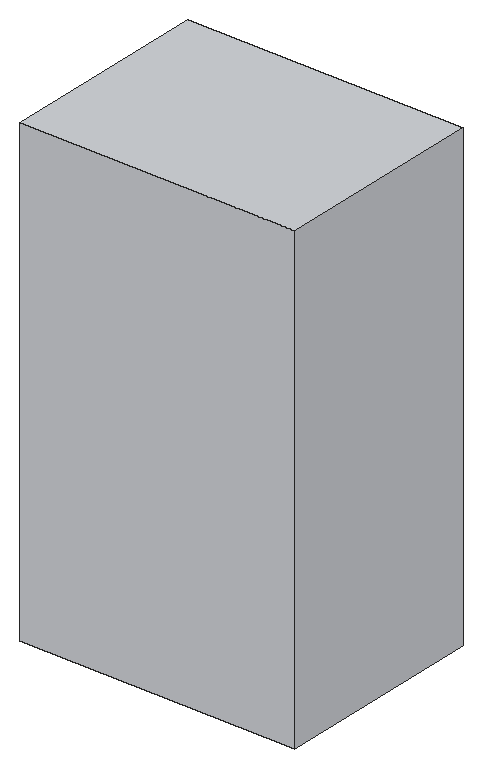
Revit family
Parameters
  Warranty Duration (Years) = 0
  Unit Width [instance] = 1' - 0"
  Unit Height [instance] = 1' - 4"
  Unit Depth = 0' - 0 1/4"
  URL = "http://www.americanspecialties.com/viewCategories.cfm"
  Trim Material = Mirror
  Test Data = ""
  Specification = "http://www.arcat.com/sdspecs/htm/10810asi.htm"
  SpecWizard = ""
  Hardware = Metal - Stainless Steel w/satin
  Send Message = "http://www.arcat.com/users.pl?action=UserEmail&company=American%20Specialties,%20Inc.&coid=30448&rep=139&fax=914-476-0688&mf="
  Sales Information = "http://www.americanspecialties.com/contact"
  Revision = "R1_10-2010"
  Mirror Radius = 0' - 0 1/2"
  Product Properties = "http://www.americanspecialties.com/datasheets/108.pdf"
  Product Data = "http://www.arcat.com/arcatcos/cos30/arc30448.html"
  Model = "As Specified in 10 28 13"
  Manufacturer Website = "http://www.americanspecialties.com/viewCategories.cfm"
  Manufacturer Phone - Toll Free = ""
  Manufacturer Phone = "914-476-9000 "
  Manufacturer Fax = "914-476-0688"
  Manufacturer Address = "441 Saw Mill River Rd., Yonkers, NY 10701"
  Manufacturer = "American Specialties, Inc."
  Maintenance Schedule (Months) = 0
  Keynote = "10 28 13"
  Installation-Fabrication = "http://www.americanspecialties.com/products.cfm"
  Green Building-LEED = ""
  Frame radius = 0' - 1"
  Expected Lifespan (Years) = 0
  Drawn By = "Robert S. Weygant. CSI, CDT, SCIP"  # constant formula
  Description = "Toilet Accessory as Specified in 10 28 13"
  Default Elevation = 4' - 0"
  Copyright = "©Arcat Inc."
  Construction Details = "http://www.arcat.com/green/clients/leed_data_30448.html"
  Building Codes = "http://www.americanspecialties.com/products.cfm"
  Body Material = Metal - Stainless Steel w/satin
  Assembly Code = "C1030210"
Reference planes (in)
  plane 1 "Center (Front/Back)": y = 2.48383
  plane 2 "Floor Line": z = 0
  plane 3 "Center (Left/Right)": x = -0.65843
  plane 4: z = 56
  plane 5: x = -6.65843
  plane 6: x = 5.34157
  plane 7: z = 48
  plane 8: z = 64
  plane 9: y = 10.48383
  plane 10: y = 9.23383
  plane 11: y = -4.26617
  plane 12: y = -5.51617
  plane 13: x = -5.40843
  plane 14: x = 4.09157
  plane 15: z = 0.21875
  plane 16: z = 0.25
  plane 17: z = 0.10937
Forms (in)
  Extrusion 1, solid
    sketch origin (-3, -9, -5.375) x (0, 0, -1) y (1, 0, 0)
      loop
        line (-82, 26) -> (-82, -19.34712) -> (-5.375, -19.34712) -> (-5.375, 26) -> (-82, 26)
    from 9 to -25.60721
  Extrusion 2, solid, material "Metal - Stainless Steel w/satin" <- "Body Material"
    sketch origin (0, 0, 0) x (1, 0, 0) y (0, 1, 0)
      loop
        arc (-5.65843, 10.48383) -> (-6.36554, 10.19093) -> (-6.65843, 9.48383) r 1
        line (-6.65843, 9.48383) -> (-6.65843, -4.51617)
        arc (-6.65843, -4.51617) -> (-6.36554, -5.22328) -> (-5.65843, -5.51617) r 1
        line (-5.65843, -5.51617) -> (4.34157, -5.51617)
        arc (4.34157, -5.51617) -> (5.04867, -5.22328) -> (5.34157, -4.51617) r 1
        line (5.34157, -4.51617) -> (5.34157, 9.48383)
        arc (5.34157, 9.48383) -> (5.04867, 10.19093) -> (4.34157, 10.48383) r 1
        line (4.34157, 10.48383) -> (-5.65843, 10.48383)
    from 0 to 0.21875
  Extrusion 3, void
    sketch origin (0, 0, 0) x (1, 0, 0) y (0, 1, 0)
      loop
        arc (-4.90843, 9.23383) -> (-5.26199, 9.08738) -> (-5.40843, 8.73383) r 0.5
        line (-5.40843, 8.73383) -> (-5.40843, -3.76617)
        arc (-5.40843, -3.76617) -> (-5.26199, -4.11973) -> (-4.90843, -4.26617) r 0.5
        line (-4.90843, -4.26617) -> (3.59157, -4.26617)
        arc (3.59157, -4.26617) -> (3.94512, -4.11973) -> (4.09157, -3.76617) r 0.5
        line (4.09157, -3.76617) -> (4.09157, 8.73383)
        arc (4.09157, 8.73383) -> (3.94512, 9.08738) -> (3.59157, 9.23383) r 0.5
        line (3.59157, 9.23383) -> (-4.90843, 9.23383)
    from 0 to 1.55257
  Extrusion 4, solid, material "Mirror" <- "Trim Material"
    sketch origin (0, 0, 0) x (1, 0, 0) y (0, 1, 0)
      loop
        arc (-4.90843, 9.23383) -> (-5.26199, 9.08738) -> (-5.40843, 8.73383) r 0.5
        line (-5.40843, 8.73383) -> (-5.40843, -3.76617)
        arc (-5.40843, -3.76617) -> (-5.26199, -4.11973) -> (-4.90843, -4.26617) r 0.5
        line (-4.90843, -4.26617) -> (3.59157, -4.26617)
        arc (3.59157, -4.26617) -> (3.94512, -4.11973) -> (4.09157, -3.76617) r 0.5
        line (4.09157, -3.76617) -> (4.09157, 8.73383)
        arc (4.09157, 8.73383) -> (3.94512, 9.08738) -> (3.59157, 9.23383) r 0.5
        line (3.59157, 9.23383) -> (-4.90843, 9.23383)
    from 0 to 0.10937
  Extrusion 5, solid, material "Metal - Stainless Steel w/satin" <- "Hardware"
    sketch origin (0, 0, 0) x (1, 0, 0) y (0, 1, 0)
      loop
        circle (-0.65843, 9.85883) r 0.25
      loop
        circle (-6.01747, -1.51617) r 0.25
      loop
        circle (-6.01747, 6.48383) r 0.25
      loop
        circle (4.70061, -1.51617) r 0.25
      loop
        circle (4.70061, 6.48383) r 0.25
      loop
        circle (-0.65843, -4.89117) r 0.25
    from 0.21875 to 0.25
Cuts and joins
  Extrusion 3 cuts Extrusion 2
Dimensions and locks (in)
  equal spacing: plane 8, plane 4, plane 7
  "Unit Width": plane 6 to plane 5
  "Unit Height": plane 8 to plane 7
  "Default Elevation": plane 7 to plane 2 "Floor Line"
  equal spacing: plane 6, plane 3 "Center (Left/Right)", plane 5
  locked: plane 16 to plane 15 at 0.03125
  equal spacing: plane 15, plane 17, level
  "Unit Depth": plane 16 to plane 2 "Floor Line"
  "Mirror Radius": radius of Extrusion 3 sketch curve  (x4)
  "Frame radius": radius of Extrusion 2 sketch curve  (x4)
  "Mirror Radius": radius of Extrusion 4 sketch curve  (x4)
  aligned and locked: Extrusion 2 sketch curve to plane 9
  aligned and locked: Extrusion 2 sketch curve to plane 6
  aligned and locked: Extrusion 3 sketch curve to plane 10
  aligned and locked: Extrusion 3 sketch curve to plane 14
  aligned and locked: cut or joined group of Extrusion 2, Extrusion 3 to cut or joined group of Extrusion 2, Extrusion 3
  aligned and locked: Extrusion 4 sketch curve to cut or joined group of Extrusion 2, Extrusion 3  (x2)
  aligned and locked: plane 15 to cut or joined group of Extrusion 2, Extrusion 3
  aligned and locked: Extrusion 5 to cut or joined group of Extrusion 2, Extrusion 3
  aligned and locked: plane 2 "Floor Line" to level
  aligned and locked: cut or joined group of Extrusion 2, Extrusion 3 to plane 2 "Floor Line"
  aligned and locked: Extrusion 1 to level
  aligned and locked: plane 16 to Extrusion 5
  aligned and locked: Extrusion 4 to plane 2 "Floor Line"
  aligned and locked: plane 2 "Floor Line" to cut or joined group of Extrusion 2, Extrusion 3  (x2)
  aligned and locked: plane 17 to Extrusion 4
Automatic sketch dimensions
  Extrusion 1 sketch curve to Extrusion 1 sketch curve = 6' - 4 5/8"
  Extrusion 1 sketch curve to Extrusion 1 sketch curve = 3' - 9.34712"
  Extrusion 3 sketch curve to plane 13 = 0' - 0"
  Extrusion 3 sketch curve to plane 11 = 0' - 0"
  Extrusion 2 sketch curve to plane 5 = 0' - 0"
  Extrusion 2 sketch curve to plane 12 = 0' - 0"
  Extrusion 4 sketch curve to plane 13 = 0' - 0"
  Extrusion 4 sketch curve to plane 11 = 0' - 0"
  Extrusion 5 sketch curve to plane 13 = 0' - 0.60904"  (x2)
  plane 14 to Extrusion 5 sketch curve = 0' - 0.60904"  (x2)
  Extrusion 5 sketch curve to plane 11 = 0' - 0 5/8"
  plane 11 to Extrusion 5 sketch curve = 0' - 2 3/4"  (x2)
  Extrusion 5 sketch curve to plane 10 = 0' - 2 3/4"  (x2)
  Extrusion 5 sketch curve to plane 9 = 0' - 0 5/8"
  plane 3 "Center (Left/Right)" to Extrusion 5 sketch curve = 0' - 0"  (x2)
  radius of Extrusion 5 sketch curve = 0' - 0 1/4"  (x6)
